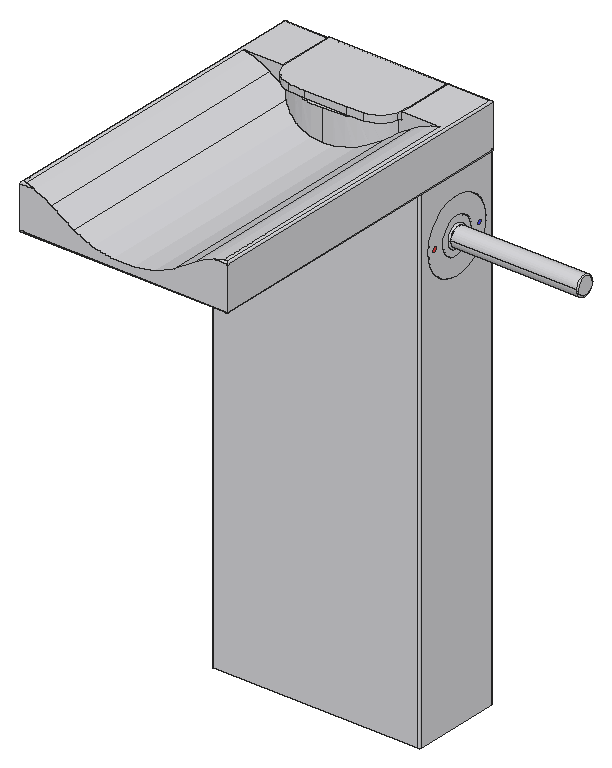
Revit family "Faucet-Lavatory-KOHLER-BEITOU-K-99858T", category Plumbing Fixtures, host Face, Revit 2017
Family settings
  Host = Face
  Round Connector Dimension = Use Diameter
  Part Type = Normal
  OmniClass Number = 23.31.11.00
  OmniClass Title = Faucets
  Cut with Voids When Loaded = No
  Shared = No
  Room Calculation Point = No
Parameters (values of type "CP-Polished Chrome")
  Width = 4.13386"  # constant formula
  WaterSense Certified = 1 = 0  # no
  Waste Water Outlet = "Waste Water Outlet"  # constant formula
  Waste Connection = 1 = 0  # no
  Vent Connection = 1 = 0  # no
  URL = "http://www.kohler.com.cn/"
  Type = 1
  Spout Reach = Length  # 5.66929"
  Product Page URL = "https://www.kohler.com.cn/product/K-99858T/K-99858T-4-CP/"
  Product Name = "BEITOU"  # constant formula
  Product Documentation Link = "https://files.kohler.com.cn/pdfs/ri-99858T-4.pdf"
  Pressure = 45.00 psi  # constant formula
  Model = "K-99858T-4-CP"  # constant formula
  Material = "Premium Metal Construction"  # constant formula
  Master Format 2014 Name = "Residential Faucets, Supplies, and Trim"  # constant formula
  Master Format 2014 = "22 41 39"  # constant formula
  Manufacturer Address = "Kohler Beijing Office (100016) 36-2-03-B, No. 88, Liuxiang Road, Beijing"  # constant formula
  Manufacturer = "KOHLER Co."  # constant formula
  Length = 5.66929"  # constant formula
  Hot Water Inlet = "Hot Water Inlet"  # constant formula
  Height = 10.74409"  # constant formula
  HW Connection = 1 = 1  # yes
  Flow Rate = 2.12 GPM  # constant formula
  Finish = Kohler-Metal-CP-Polished_Chrome
  Environmental Product Declaration = ""
  Drain Included = 1 = 1  # yes
  Description = "Manda Single Handle Bowl Faucet"  # constant formula
  Default Elevation = 36"
  Declare Label = ""
  Date Modified = "08/27/2020"  # constant formula
  Date Created = "08/27/2020"  # constant formula
  Copyright = "Copyright KOHLER Co."  # constant formula
  Contact Us = "http://www.kohler.com.cn/contact/contact-us/"
  Cold Water Inlet = "Cold Water Inlet"  # constant formula
  CW Connection = 1 = 1  # yes
  Assembly Code = "D2010"
  ADA Compliant = 1 = 0  # no
Reference planes (in)
  plane 1 "Center (Front/Back)": y = 0
  plane 2: z = 0
  plane 3 "Center (Left/Right)": x = 0
  plane 4: z = 10.7440945
  plane 5: z = 8.7401575
  plane 6: x = 4.6259843
  plane 7: x = 2.0669291
  plane 8: x = -2.0669291
  plane 9: y = -5.6692913
  plane 10: y = -0.9055118
  plane 11: y = 0.9055118
  plane 12: x = 0.6299213
  plane 13: x = -0.6299213
Dimensions and locks (in)
  "Width": plane 8 to plane 7
  locked: plane 5 to level at 8.7401575
  locked: plane 6 to plane 3 "Center (Left/Right)" at 4.6259843
  "Height": plane 4 to level
  locked: plane 11 to plane 10 at 1.8110236
  locked: plane 7 to plane 6 at 2.5590551
  "Spout Reach": plane 1 "Center (Front/Back)" to plane 9
  aligned and locked: plane 2 to host face
  aligned and locked: level to host face
  aligned and locked: plane 3 "Center (Left/Right)" to nested 1
  aligned and locked: plane 1 "Center (Front/Back)" to nested 1
  aligned and locked: plane 4 to nested 1
  aligned and locked: plane 5 to nested 1
  aligned and locked: plane 6 to nested 1
  aligned and locked: plane 7 to nested 1
  aligned and locked: plane 8 to nested 1
  aligned and locked: plane 9 to nested 1
  aligned and locked: plane 10 to nested 1
  aligned and locked: plane 11 to nested 1
  aligned and locked: plane 12 to nested 1
  aligned and locked: nested 1 to plane 13
Automatic sketch dimensions
  host sketch curve to host sketch curve = 96"  (x2)
Nested families (in)
  nested 1: "K-99858T" at (0, 0, 0), type "K-99858T"
Connectors (in)
  piping at (-0.6299213, 0, 0), diameter 0.5, driven by "Flow Rate", driven by "HW Connection", driven by "Hot Water Inlet", driven by "Pressure"
    settings: on nested 1, index 1, connector inside diameter 24", connector length 0", flow factor 0, pipe flow 2.12 GPM, pressure drop 45.00 psi, fitting loss kfactor 0, connector angle 0.00°, fixture units 0, engagement length 0", angle of deflection 0.00°, flow configuration 1, flow direction 1, fitting loss method 4, system type 19, joint type 0, gender type 0, connector reference index -1, connector utility 1, adjustable connector no, is connector primary yes, connector description "Hot Water Inlet"
  piping at (0.6299213, 0, 0), diameter 0.5, driven by "Flow Rate", driven by "CW Connection", driven by "Cold Water Inlet", driven by "Pressure"
    settings: on nested 1, index 2, connector inside diameter 24", connector length 0", flow factor 0, pipe flow 2.12 GPM, pressure drop 45.00 psi, fitting loss kfactor 0, connector angle 0.00°, fixture units 0, engagement length 0", angle of deflection 0.00°, flow configuration 1, flow direction 1, fitting loss method 4, system type 20, joint type 0, gender type 0, connector reference index -1, connector utility 1, adjustable connector no, is connector primary no, connector description "Cold Water Inlet"
Definition of nested family "K-99858T"
  Parameters (values of type "K-99858T")
    Material = none
  Reference planes (in)
    plane 1 "Center (Front/Back)": y = 0
    plane 2: z = 0
    plane 3 "Center (Left/Right)": x = 0
    plane 4: y = 0.9055118
    plane 5: y = -0.9055118
    plane 6: x = -2.0669291
    plane 7: x = 2.0669291
    plane 8: x = 4.6259843
    plane 9: z = 10.7440945
    plane 10: z = 8.7401575
    plane 11: y = -5.6692913
    plane 12: x = -0.503882
    plane 13: x = 0.503882
    plane 14: x = 0.6299213
    plane 15: x = -0.6299213
  Forms (in)
    Sweep 1, solid, material <- "Material", detail levels medium+fine
      path origin (0, 0, 0) x (0, 1, 0) y (0, 0, 1)
        loop
          line (0.9055118, 0) -> (0.9055118, 9.9212598)
      profile origin (0, 0.9055118, 4.9606299) x (0, -1, 0) y (1, 0, 0)
        loop
          arc (0, -2.0275591) -> (0.0115312, -2.0553979) -> (0.0393701, -2.0669291) r 0.0393701
          line (0.0393701, -2.0669291) -> (1.7716535, -2.0669291)
          arc (1.7716535, -2.0669291) -> (1.7994924, -2.0553979) -> (1.8110236, -2.0275591) r 0.0393701
          line (1.8110236, -2.0275591) -> (1.8110236, 2.0275591)
          arc (1.8110236, 2.0275591) -> (1.7994924, 2.0553979) -> (1.7716535, 2.0669291) r 0.0393701
          line (1.7716535, 2.0669291) -> (0.0393701, 2.0669291)
          arc (0.0393701, 2.0669291) -> (0.0115312, 2.0553979) -> (0, 2.0275591) r 0.0393701
          line (0, 2.0275591) -> (0, -2.0275591)
    Sweep 2, solid, material <- "Material", detail levels medium+fine
      path origin (0, 0, 0) x (1, 0, 0) y (0, 1, 0)
        loop
          line (-2.0272385, 0.8659735) -> (-2.0272385, -5.6297874) -> (2.0272385, -5.6297874) -> (2.0272385, 0.8659735) -> (-2.0272385, 0.8659735)
      profile origin (2.0272385, -2.3819069, 0) x (1, 0, 0) y (0, 0, 1)
        loop
          line (-0.0307579, 10.7440945) -> (-0.0307579, 9.8421792) -> (0.0200009, 9.8421792)
          arc (0.0200009, 9.8421792) -> (0.0339236, 9.8479462) -> (0.0396906, 9.861869) r 0.0196898
          line (0.0396906, 9.861869) -> (0.0396906, 10.7047518)
          arc (0.0396906, 10.7047518) -> (0.0281674, 10.7325713) -> (0.0003479, 10.7440945) r 0.0393427
          line (0.0003479, 10.7440945) -> (-0.0307579, 10.7440945)
    Sweep 3, solid, material <- "Material", detail levels medium+fine
      path origin (0, 0, 0) x (0, 1, 0) y (0, 0, 1)
        loop
          circle (0.0006489, 8.740906) r 0.169298
      profile origin (0, 0.0006489, 8.9102041) x (0, 0, -1) y (1, 0, 0)
        loop
          line (0.0324208, 4.6259843) -> (0.0014478, 4.6259843)
          arc (0.0014478, 4.6259843) -> (-0.012907, 4.6200383) -> (-0.0188529, 4.6056835) r 0.0203007
          line (-0.0188529, 4.6056835) -> (-0.0188529, 2.1068724)
          arc (-0.0188529, 2.1068724) -> (-0.030552, 2.0786282) -> (-0.0587961, 2.0669291) r 0.0399432
          line (-0.0587961, 2.0669291) -> (0.0324208, 2.0669291) -> (0.0324208, 4.6259843)
    Extrusion 4, solid, material <- "Material", detail levels medium+fine
      sketch origin (0, 0, 0) x (0, 1, 0) y (0, 0, 1)
        loop
          circle (0.0006489, 8.740906) r 0.1368772
      from 2.0669291 to 4.6259843
    Extrusion 5, solid, material <- "Material", detail levels medium+fine
      sketch origin (-0.0298064, 0, 0) x (1, 0, 0) y (0, 1, 0)
        loop
          line (-1.9964806, 0.8352157) -> (-1.9964806, -5.5990295) -> (2.026287, -5.5990295) -> (2.026287, 0.8352157) -> (-1.9964806, 0.8352157)
      from 9.8421792 to 10.7440945
    Extrusion 6, void, detail levels medium+fine
      sketch origin (0, 0, -0.0522247) x (1, 0, 0) y (0, 0, 1)
        loop
          arc (-1.0037395, 10.3120449) -> (-0.0135896, 10.0485715) -> (0.9765602, 10.3120449) r 1.9922598
          arc (0.9765602, 10.3120449) -> (1.1970344, 10.444138) -> (1.4121499, 10.5847893) r 6.5420486
          arc (1.4121499, 10.5847893) -> (1.8035482, 10.7664441) -> (2.2326175, 10.8121686) r 1.3200005
          line (2.2326175, 10.8121686) -> (2.2326175, 11.0733099) -> (-2.3948685, 11.0733099) -> (-2.3948685, 10.7973172)
          arc (-2.3948685, 10.7973172) -> (-1.8966699, 10.7829033) -> (-1.4393292, 10.5847893) r 1.3200005
          arc (-1.4393292, 10.5847893) -> (-1.2242137, 10.444138) -> (-1.0037395, 10.3120449) r 6.5420486
      from 0.251129 to 6.1770874
    Extrusion 7, solid, material <- "Material", detail levels medium+fine
      sketch origin (0, 0, 0) x (1, 0, 0) y (0, 1, 0)
        loop
          arc (-1.1811024, 0) -> (-1.1803093, -0.0555895) -> (-1.1779309, -0.1111338) r 1.9487547
          arc (-1.1779309, -0.1111338) -> (-1.1678638, -0.2063706) -> (-1.1486662, -0.3001942) r 0.9926676
          arc (-1.1486662, -0.3001942) -> (-1.0019473, -0.5383407) -> (-0.7459164, -0.6509835) r 0.4700974
          arc (-0.7459164, -0.6509835) -> (-0.5834517, -0.6647108) -> (-0.4204724, -0.6692913) r 2.9017388
          line (-0.4204724, -0.6692913) -> (0.4204724, -0.6692913)
          arc (0.4204724, -0.6692913) -> (0.5841058, -0.6646739) -> (0.7472185, -0.6508363) r 2.9017388
          arc (0.7472185, -0.6508363) -> (1.0018802, -0.5388523) -> (1.1481485, -0.3022121) r 0.4685039
          arc (1.1481485, -0.3022121) -> (1.1572068, -0.2639337) -> (1.1647415, -0.2253265) r 0.9926676
          arc (1.1647415, -0.2253265) -> (1.1729905, -0.1684212) -> (1.1779309, -0.1111338) r 0.9926676
          arc (1.1779309, -0.1111338) -> (1.1803093, -0.0555895) -> (1.1811024, 0) r 1.9487547
          line (1.1811024, 0) -> (1.1811024, 0.8816998) -> (-1.1811024, 0.8816998) -> (-1.1811024, 0)
      from 10.6102362 to 10.7440945
    Extrusion 8, void, detail levels medium+fine
      sketch origin (0, 0, 0) x (1, 0, 0) y (0, 1, 0)
        loop
          line (-1.1850394, 0.8816998) -> (-1.1850394, -0.251129) -> (1.1850394, -0.251129) -> (1.1850394, 0.8816998) -> (-1.1850394, 0.8816998)
      from 10.6102362 to 10.9003731
    Extrusion 9, solid, material <- "Material", detail levels medium+fine
      sketch origin (0, 0, 0) x (1, 0, 0) y (0, 1, 0)
        loop
          spline (0, 0.4851303) -> (-0.2904072, 0.4642233) -> (-0.5610236, 0.4029269) -> (-0.7934072, 0.3054185) -> (-0.9717214, 0.1783431) -> (-1.0838144, 0.0303607) -> (-1.1220472, -0.1284441) -> (-1.0838144, -0.2872488) -> (-0.9717214, -0.4352313) -> (-0.7934072, -0.5623067) -> (-0.5610236, -0.6598151) -> (-0.2904072, -0.7211115) -> (0, -0.7420185)
          spline (0, -0.7420185) -> (0.2904072, -0.7211115) -> (0.5610236, -0.6598151) -> (0.7934072, -0.5623067) -> (0.9717214, -0.4352313) -> (1.0838144, -0.2872488) -> (1.1220472, -0.1284441) -> (1.0838144, 0.0303607) -> (0.9717214, 0.1783431) -> (0.7934072, 0.3054185) -> (0.5610236, 0.4029269) -> (0.2904072, 0.4642233) -> (0, 0.4851303)
      from 9.7682632 to 10.6102362
    Extrusion 10, void, detail levels medium+fine
      sketch origin (0, 0, 0) x (0, 1, 0) y (0, 0, 1)
        loop
          circle (-0.0005732, 8.741565) r 0.7199009
        loop
          circle (-0.0005732, 8.741565) r 0.3559253
        loop
          circle (-0.0005732, 8.741565) r 0.7120269
        loop
          circle (-0.0005732, 8.741565) r 0.3480513
      from 2.0576808 to 2.2396435
    Extrusion 11, solid, material <- "Material", detail levels medium+fine
      sketch origin (0, 0, 0) x (1, 0, 0) y (0, 1, 0)
        loop
          circle (-0.503882, 0) r 0.0393701
        loop
          circle (0.503882, 0) r 0.0393701
      from 0 to 0.035998
    Extrusion 12, void
      sketch origin (0, 0, 0) x (0, 1, 0) y (0, 0, 1)
        loop
          circle (-0.557955, 8.7400852) r 0.0398
        loop
          circle (0.557955, 8.7400852) r 0.0398
      from 1.4561957 to 3.2228774
    Extrusion 13, solid, detail levels medium+fine
      sketch origin (0, 0, 0) x (0, 1, 0) y (0, 0, 1)
        loop
          circle (0.557955, 8.7400852) r 0.0398
      from 1.4561957 to 2.0669291
    Extrusion 14, solid, detail levels medium+fine
      sketch origin (0, 0, 0) x (0, -1, 0) y (0, 0, -1)
        loop
          circle (0.557955, -8.7400852) r 0.0398
      from 1.4561957 to 2.0669291
    Extrusion 15, solid, material <- "Material", detail levels medium+fine
      sketch origin (0, 0, 0) x (1, 0, 0) y (0, 1, 0)
        loop
          circle (0.6299213, 0) r 0.1968504
        loop
          circle (-0.6299213, 0) r 0.1968504
      from 0 to 0.2233233
    Extrusion 16, solid, material <- "Material", detail levels coarse
      sketch origin (0, 0, 0) x (1, 0, 0) y (0, 0, 1)
        loop
          line (-2.0669291, 10.7440945) -> (-2.0669291, 9.7598425) -> (2.0669291, 9.7598425) -> (2.0669291, 10.7440945) -> (1.6939929, 10.7440945)
          arc (1.6939929, 10.7440945) -> (-0.0776606, 10.1986876) -> (-1.8493141, 10.7440945) r 3.1501482
          line (-1.8493141, 10.7440945) -> (-2.0669291, 10.7440945)
      from -0.9055118 to 5.669478
    Extrusion 17, solid, material <- "Material", detail levels coarse
      sketch origin (0, 0, 0) x (1, 0, 0) y (0, 0, 1)
        loop
          line (-2.0669291, 10.7440945) -> (-2.0669291, 0) -> (2.0669291, 0) -> (2.0669291, 10.7440945) -> (-2.0669291, 10.7440945)
      from -0.9055118 to 1.3646786
    Revolve 18, solid, material <- "Material", detail levels coarse
      sketch origin (0, 0, 0) x (1, 0, 0) y (0, 0, 1)
        loop
          line (4.6259843, 9.029039) -> (1.7665609, 9.029039) -> (1.7665609, 8.7401575) -> (4.6259843, 8.7401575) -> (4.6259843, 9.029039)
        axis (4.6259843, 8.7401575) -> (1.7665609, 8.7401575)
      angle from 0 to 360
  Cuts and joins
    Extrusion 10, Extrusion 12 cuts Sweep 1
    Extrusion 12 cuts Sweep 3
    Extrusion 12 cuts Extrusion 4
    Extrusion 12 cuts Extrusion 11
    joined: Sweep 1, Sweep 3, Extrusion 4, Extrusion 7, Extrusion 11
    Extrusion 6, Extrusion 8 cuts Sweep 2
    Extrusion 6, Extrusion 8 cuts Extrusion 5
    joined: Sweep 2, Extrusion 5, Extrusion 9
    joined: Extrusion 16, Extrusion 17, Revolve 18
  Lines and regions (in)
    Masking region 1
      outline origin (0, 0, 0) x (1, 0, 0) y (0, 1, 0)
        loop
          arc (2.0287193, -5.6692913) -> (2.0557377, -5.6580999) -> (2.0669291, -5.6310815) r 0.0382098
          line (2.0669291, -5.6310815) -> (2.0669291, -0.2295886)
          arc (2.0669291, -0.2295886) -> (2.0788227, -0.2008749) -> (2.1075365, -0.1889813) r 0.0406073
          line (2.1075365, -0.1889813) -> (4.6049589, -0.1889813)
          arc (4.6049589, -0.1889813) -> (4.6198261, -0.1828231) -> (4.6259843, -0.1679559) r 0.0210254
          line (4.6259843, -0.1679559) -> (4.6259843, 0.1689122)
          arc (4.6259843, 0.1689122) -> (4.6201062, 0.1831032) -> (4.6059152, 0.1889813) r 0.0200691
          line (4.6059152, 0.1889813) -> (2.1080383, 0.1889813)
          arc (2.1080383, 0.1889813) -> (2.0789697, 0.2010219) -> (2.0669291, 0.2300904) r 0.0411092
          line (2.0669291, 0.2300904) -> (2.0669291, 0.8662628)
          arc (2.0669291, 0.8662628) -> (2.0554334, 0.894016) -> (2.0276801, 0.9055118) r 0.039249
          line (2.0276801, 0.9055118) -> (1.2235752, 0.9055118)
          arc (1.2235752, 0.9055118) -> (1.2010195, 0.898221) -> (1.1869987, 0.8791074) r 0.0385358
          arc (1.1869987, 0.8791074) -> (1.1794257, 0.897763) -> (1.1608426, 0.9055118) r 0.0261573
          line (1.1608426, 0.9055118) -> (-1.1608426, 0.9055118)
          arc (-1.1608426, 0.9055118) -> (-1.1794257, 0.897763) -> (-1.1869987, 0.8791074) r 0.0261573
          arc (-1.1869987, 0.8791074) -> (-1.2010195, 0.898221) -> (-1.2235752, 0.9055118) r 0.0385358
          line (-1.2235752, 0.9055118) -> (-2.0283935, 0.9055118)
          arc (-2.0283935, 0.9055118) -> (-2.0556423, 0.894225) -> (-2.0669291, 0.8669762) r 0.0385356
          line (-2.0669291, 0.8669762) -> (-2.0669291, -5.6295987)
          arc (-2.0669291, -5.6295987) -> (-2.0553034, -5.6576656) -> (-2.0272365, -5.6692913) r 0.0396927
          line (-2.0272365, -5.6692913) -> (2.0287193, -5.6692913)
    Masking region 2
      outline origin (0, 0, 0) x (0, 1, 0) y (0, 0, 1)
        loop
          line (0.9055118, 0) -> (0.9055118, 9.8181802)
          arc (0.9055118, 9.8181802) -> (0.8995361, 9.8326069) -> (0.8852902, 9.8385827) r 0.0204025
          arc (0.8852902, 9.8385827) -> (0.899589, 9.8445054) -> (0.9055118, 9.8588043) r 0.0202216
          line (0.9055118, 9.8588043) -> (0.9055118, 10.7029794)
          arc (0.9055118, 10.7029794) -> (0.8934695, 10.7320522) -> (0.8643967, 10.7440945) r 0.0411151
          line (0.8643967, 10.7440945) -> (-5.6292231, 10.7440945)
          arc (-5.6292231, 10.7440945) -> (-5.6575556, 10.7323588) -> (-5.6692913, 10.7040262) r 0.0400683
          line (-5.6692913, 10.7040262) -> (-5.6692913, 9.859204)
          arc (-5.6692913, 9.859204) -> (-5.6632515, 9.8446225) -> (-5.6486701, 9.8385827) r 0.0206213
          line (-5.6486701, 9.8385827) -> (-0.8858268, 9.8385827)
          arc (-0.8858268, 9.8385827) -> (-0.8997462, 9.8328171) -> (-0.9055118, 9.8188976) r 0.019685
          line (-0.9055118, 9.8188976) -> (-0.9055118, 0) -> (0.9055118, 0)
    Masking region 3
      outline origin (0, 0, 0) x (1, 0, 0) y (0, 0, 1)
        loop
          line (-2.0669291, 10.7058523) -> (-2.0669291, 9.8585933)
          arc (-2.0669291, 9.8585933) -> (-2.0610682, 9.8444437) -> (-2.0469185, 9.8385827) r 0.0200106
          arc (-2.0469185, 9.8385827) -> (-2.0610013, 9.8326548) -> (-2.0669291, 9.8183438) r 0.0202389
          line (-2.0669291, 9.8183438) -> (-2.0669291, 0) -> (2.0669291, 0) -> (2.0669291, 8.5124717)
          arc (2.0669291, 8.5124717) -> (2.0782944, 8.53991) -> (2.1057327, 8.5512753) r 0.0388036
          line (2.1057327, 8.5512753) -> (4.6058685, 8.5512753)
          arc (4.6058685, 8.5512753) -> (4.6200925, 8.5571671) -> (4.6259843, 8.5713911) r 0.0201158
          line (4.6259843, 8.5713911) -> (4.6259843, 8.9083523)
          arc (4.6259843, 8.9083523) -> (4.6199251, 8.9229804) -> (4.6052969, 8.9290396) r 0.0206874
          line (4.6052969, 8.9290396) -> (2.1069697, 8.9290396)
          arc (2.1069697, 8.9290396) -> (2.0786567, 8.9407672) -> (2.0669291, 8.9690802) r 0.0400406
          line (2.0669291, 8.9690802) -> (2.0669291, 9.8183438)
          arc (2.0669291, 9.8183438) -> (2.0610013, 9.8326548) -> (2.0466902, 9.8385827) r 0.0202389
          arc (2.0466902, 9.8385827) -> (2.0610682, 9.8444437) -> (2.0669291, 9.8585933) r 0.0200106
          line (2.0669291, 9.8585933) -> (2.0669291, 10.7047244)
          arc (2.0669291, 10.7047244) -> (2.0553979, 10.7325633) -> (2.0275591, 10.7440945) r 0.0393701
          line (2.0275591, 10.7440945) -> (1.2160697, 10.7440945) -> (1.2160697, 10.6929134) -> (1.1811024, 10.6929134) -> (1.1811024, 10.7440945) -> (-1.1811024, 10.7440945) -> (-1.1811024, 10.6929134) -> (-1.2160697, 10.6929134) -> (-1.2160697, 10.7440945) -> (-2.028687, 10.7440945)
          arc (-2.028687, 10.7440945) -> (-2.0557283, 10.7328936) -> (-2.0669291, 10.7058523) r 0.0382422
    symbolic lines, detail levels medium+fine
      curve 1: line (2.0669291, 0.8662628, 0) -> (1.1848824, 0.8661417, 0)
      curve 2: line (2.0276801, 0.9055118, 0) -> (2.0287193, -5.6692913, 0)
      curve 3: line (-2.0669291, -5.6295987, 0) -> (2.0669291, -5.6310815, 0)
      curve 4: line (-2.0272365, 0.9055118, 0) -> (-2.0272365, -5.6692913, 0)
      curve 5: line (-1.1811024, 0, 0) -> (-1.1811024, 0.8661417, 0)
      curve 6: line (1.1811024, 0, 0) -> (1.1811024, 0.8661417, 0)
      curve 7: line (-1.1848824, 0.8661417, 0) -> (-2.0669201, 0.8661417, 0)
      curve 8: arc (-1.1869987, 0.8791074, 0) -> (-1.1853269, 0.8727248, 0) -> (-1.1848824, 0.8661417, 0) r 0.0350071
      curve 9: line (1.1811024, 0.8661417, 0) -> (-1.1811024, 0.8661417, 0)
      curve 10: arc (1.1869987, 0.8791074, 0) -> (1.1853269, 0.8727248, 0) -> (1.1848824, 0.8661417, 0) r 0.0350071
      curve 11: arc (-1.1811024, 0, 0) -> (-1.1803093, -0.0555895, 0) -> (-1.1779309, -0.1111338, 0) r 1.9487547
      curve 12: arc (-1.1779309, -0.1111338, 0) -> (-1.1678638, -0.2063706, 0) -> (-1.1486662, -0.3001942, 0) r 0.9926676
      curve 13: arc (-1.1486662, -0.3001942, 0) -> (-1.0019473, -0.5383407, 0) -> (-0.7459164, -0.6509835, 0) r 0.4700974
      curve 14: arc (-0.7459164, -0.6509835, 0) -> (-0.5834517, -0.6647108, 0) -> (-0.4204724, -0.6692913, 0) r 2.9017388
      curve 15: line (-0.4204724, -0.6692913, 0) -> (0.4204724, -0.6692913, 0)
      curve 16: arc (0.4204724, -0.6692913, 0) -> (0.5841058, -0.6646739, 0) -> (0.7472185, -0.6508363, 0) r 2.9017388
      curve 17: arc (0.7472185, -0.6508363, 0) -> (1.0018802, -0.5388523, 0) -> (1.1481485, -0.3022121, 0) r 0.4685039
      curve 18: arc (1.1481485, -0.3022121, 0) -> (1.1572068, -0.2639337, 0) -> (1.1647415, -0.2253265, 0) r 0.9926676
      curve 19: arc (1.1647415, -0.2253265, 0) -> (1.1729905, -0.1684212, 0) -> (1.1779309, -0.1111338, 0) r 0.9926676
      curve 20: arc (1.1779309, -0.1111338, 0) -> (1.1803093, -0.0555895, 0) -> (1.1811024, 0, 0) r 1.9487547
      curve 21: arc (-1.1295936, -0.2953224, 0) -> (-0.9890184, -0.5234967, 0) -> (-0.7437087, -0.6314227, 0) r 0.4504123
      curve 22: arc (-1.1582779, -0.1100112, 0) -> (-1.1484104, -0.2033594, 0) -> (-1.1295936, -0.2953224, 0) r 0.9729825
      curve 23: arc (-1.1614173, 0, 0) -> (-1.1606323, -0.055028, 0) -> (-1.1582779, -0.1100112, 0) r 1.9290697
      curve 24: arc (-0.7437087, -0.6314227, 0) -> (-0.5823461, -0.6450568, 0) -> (-0.4204724, -0.6496063, 0) r 2.8820538
      curve 25: line (-0.4204724, -0.6496063, 0) -> (0.4204724, -0.6496063, 0)
      curve 26: arc (0.4204724, -0.6496063, 0) -> (0.5829958, -0.6450202, 0) -> (0.7450019, -0.6312764, 0) r 2.8820538
      curve 27: arc (0.7450019, -0.6312764, 0) -> (0.9889635, -0.5239977, 0) -> (1.1290861, -0.2973004, 0) r 0.4488189
      curve 28: arc (1.1290861, -0.2973004, 0) -> (1.1379648, -0.259781, 0) -> (1.14535, -0.2219394, 0) r 0.9729825
      curve 29: arc (1.1582779, -0.1100112, 0) -> (1.1606323, -0.055028, 0) -> (1.1614173, 0, 0) r 1.9290697
      curve 30: arc (1.14535, -0.2219394, 0) -> (1.1534355, -0.1661626, 0) -> (1.1582779, -0.1100112, 0) r 0.9729825
      curve 31: line (-1.1614173, 0, 0) -> (-1.1614173, 0.8661417, 0)
      curve 32: line (1.1614173, 0, 0) -> (1.1614173, 0.8661417, 0)
      curve 33: arc (-0.4789141, -0.6687028, 0) -> (0, -0.7289998, 0) -> (0.4789141, -0.6687028, 0) r 1.9320565
      curve 34: line (2.0669291, 0.2300904, 0) -> (2.0669291, -0.2295886, 0)
      curve 35: line (2.1080383, -0.1889844, 0) -> (2.1080383, 0.1889813, 0)
      curve 36: line (4.6049589, 0.1889585, 0) -> (4.6049589, -0.1889813, 0)
      curve 37: line (0, -5.6299213, 9.8582681) -> (0, 0.8661417, 9.8582681)
      curve 38: line (0, -5.6299213, 10.7007851) -> (0, -5.6299213, 9.8582681)
      curve 39: line (0, 0.8661417, 10.7007849) -> (0, -5.6299213, 10.7007851)
      curve 40: line (0, 0.8661417, 10.7007849) -> (0, 0.8661417, 9.8181802)
      curve 41: line (0, 0.8661417, 9.8181802) -> (0, 0.8661417, 0)
      curve 42: line (0, 0.8661417, 9.8181802) -> (0, -0.8661417, 9.8181802)
      curve 43: line (0, -0.8661417, 0) -> (0, -0.8661417, 9.8385827)
      curve 44: line (0, -0.9055118, 9.8385827) -> (0, 0.8852902, 9.8385827)
      curve 45: line (0, 0.8661417, 9.8582681) -> (0, 0.9055118, 9.8582681)
      curve 46: line (0, 0.8661417, 9.8181802) -> (0, 0.9055118, 9.8181802)
      curve 47: line (0, -0.8661417, 9.8181802) -> (0, -0.9054987, 9.8181802)
      curve 48: line (0, 0.8661417, 10.7007849) -> (0, 0.8661417, 10.7440574)
      curve 49: line (0, 0.8661417, 10.7007849) -> (0, 0.9055118, 10.7007849)
      curve 50: line (0, -5.6299213, 10.7007851) -> (0, -5.6692913, 10.7007851)
      curve 51: line (0, -5.6299213, 10.7007851) -> (0, -5.6299213, 10.7440945)
      curve 52: line (0, -5.6299213, 9.8582681) -> (0, -5.6692913, 9.8582681)
      curve 53: line (0, -5.6299213, 9.872047) -> (0, -5.6299213, 9.8385827)
      curve 54: line (-2.027559, 0, 10.7007869) -> (-2.0275591, 0, 9.8385827)
      curve 55: line (-2.0490082, 0, 9.8385827) -> (2.048135, 0, 9.8385827)
      curve 56: line (2.0669265, 0, 9.8582677) -> (-2.0669265, 0, 9.8582677)
      curve 57: line (-2.0669216, 0, 9.8188976) -> (2.0669216, 0, 9.8188976)
      curve 58: line (2.0275591, 0, 10.7007869) -> (2.0275591, 0, 9.8385827)
      curve 59: line (2.0275591, 0, 9.8385827) -> (2.0275591, 0, 0)
      curve 60: line (-2.0275591, 0, 0) -> (-2.0275591, 0, 9.8385827)
      curve 61: line (4.6064501, 0, 8.9289677) -> (4.6064501, 0, 8.551369)
      curve 62: line (2.1058731, 0, 8.9291876) -> (2.1058731, 0, 8.5511548)
      curve 63: line (2.0669291, 0, 8.9690802) -> (2.0669291, 0, 8.5124717)
      curve 64: arc (-1.1682401, 0, 10.7440945) -> (-1.0961611, 0, 10.7113343) -> (-1.0187542, 0, 10.6946973) r 0.3691581
      curve 65: arc (-1.1811024, 0, 10.7204724) -> (-1.1187227, 0, 10.6925207) -> (-1.0518269, 0, 10.6784683) r 0.319715
      curve 66: arc (-1.0187542, 0, 10.6946973) -> (-0.8744744, 0, 10.676879) -> (-0.7292944, 0, 10.6693331) r 2.0495079
      curve 67: arc (-1.0518269, 0, 10.6784683) -> (-0.9244501, 0, 10.6616996) -> (-0.7962799, 0, 10.6528416) r 2.0761384
      curve 68: line (0.4204724, 0, 10.6648556) -> (-0.4204724, 0, 10.6648556)
      curve 69: line (0.4204724, 0, 10.6456297) -> (-0.4204724, 0, 10.6456297)
      curve 70: arc (-0.7292944, 0, 10.6693331) -> (-0.5748856, 0, 10.6669432) -> (-0.4204724, 0, 10.6648556) r 78.8650377
      curve 71: arc (-0.7962799, 0, 10.6528416) -> (-0.6084102, 0, 10.647463) -> (-0.4204724, 0, 10.6456297) r 9.9615753
      curve 72: line (-1.1811024, 0, 10.6210639) -> (-1.1811024, 0, 10.7204724)
      curve 73: line (-1.1702746, 0, 10.6102362) -> (1.1697209, 0, 10.6102362)
      curve 74: line (1.1811024, 0, 10.6216177) -> (1.1811024, 0, 10.7204724)
      curve 75: arc (1.1697209, 0, 10.6102362) -> (1.1777688, 0, 10.6135698) -> (1.1811024, 0, 10.6216177) r 0.0113815
      curve 76: arc (-1.1702746, 0, 10.6102362) -> (-1.177931, 0, 10.6134076) -> (-1.1811024, 0, 10.6210639) r 0.0108277
      curve 77: arc (-1.0818355, 0, 10.6102362) -> (-1.0487457, 0, 10.4631744) -> (-0.9532315, 0, 10.346559) r 0.327156
      curve 78: arc (-0.3551517, 0, 10.1928355) -> (0.0071668, 0, 10.1876152) -> (0.3694853, 0, 10.1928355) r 12.5762126
      curve 79: arc (-0.9532315, 0, 10.346559) -> (-0.925478, 0, 10.3278435) -> (-0.8957208, 0, 10.3125125) r 0.2849013
      curve 80: arc (-0.8957208, 0, 10.3125125) -> (-0.7656648, 0, 10.2623069) -> (-0.6313541, 0, 10.2249462) r 1.4363101
      curve 81: arc (-0.6313541, 0, 10.2249462) -> (-0.6166197, 0, 10.2216989) -> (-0.6018483, 0, 10.2186238) r 1.2927477
      curve 82: arc (-0.6018483, 0, 10.2186238) -> (-0.4791146, 0, 10.1998502) -> (-0.3551517, 0, 10.1928355) r 1.3039103
      curve 83: arc (-2.027559, 0, 10.7404089) -> (-1.8423158, 0, 10.7117947) -> (-1.6654841, 0, 10.6496307) r 1.0157736
      curve 84: arc (-2.027559, 0, 10.7007869) -> (-1.8165597, 0, 10.6656566) -> (-1.619006, 0, 10.5836362) r 0.9379858
      curve 85: arc (-1.6654841, 0, 10.6496307) -> (-1.5107749, 0, 10.56992) -> (-1.3639142, 0, 10.4765354) r 1.9211122
      curve 86: arc (-1.3639142, 0, 10.4765354) -> (-1.165333, 0, 10.3431156) -> (-0.9615509, 0, 10.2177833) r 5.9524026
      curve 87: arc (-0.9615509, 0, 10.2177833) -> (-0.8231552, 0, 10.1462124) -> (-0.6778478, 0, 10.089985) r 1.4425518
      curve 88: arc (-1.619006, 0, 10.5836362) -> (-1.4191844, 0, 10.4662936) -> (-1.2250172, 0, 10.3398142) r 4.9975336
      curve 89: arc (-1.2250172, 0, 10.3398142) -> (-1.0755604, 0, 10.2428901) -> (-0.9214078, 0, 10.1536228) r 3.5327637
      curve 90: arc (-0.9214078, 0, 10.1536228) -> (-0.7601076, 0, 10.0775809) -> (-0.5909599, 0, 10.0211082) r 1.5082541
      curve 91: arc (1.1682401, 0, 10.7440945) -> (1.0961611, 0, 10.7113343) -> (1.0187542, 0, 10.6946973) r 0.3691581
      curve 92: arc (1.1811024, 0, 10.7204724) -> (1.1187227, 0, 10.6925207) -> (1.0518269, 0, 10.6784683) r 0.319715
      curve 93: arc (1.0187542, 0, 10.6946973) -> (0.8744744, 0, 10.676879) -> (0.7292944, 0, 10.6693331) r 2.0495079
      curve 94: arc (1.0518269, 0, 10.6784683) -> (0.9244501, 0, 10.6616996) -> (0.7962799, 0, 10.6528416) r 2.0761384
      curve 95: arc (0.7292944, 0, 10.6693331) -> (0.5748856, 0, 10.6669432) -> (0.4204724, 0, 10.6648556) r 78.8650377
      curve 96: arc (0.7962799, 0, 10.6528416) -> (0.6084102, 0, 10.647463) -> (0.4204724, 0, 10.6456297) r 9.9615753
      curve 97: arc (1.0818355, 0, 10.6102362) -> (1.0487457, 0, 10.4631744) -> (0.9532315, 0, 10.346559) r 0.327156
      curve 98: arc (0.9532315, 0, 10.346559) -> (0.925478, 0, 10.3278435) -> (0.8957208, 0, 10.3125125) r 0.2849013
      curve 99: arc (0.8957208, 0, 10.3125125) -> (0.7624208, 0, 10.2612366) -> (0.6246875, 0, 10.2234528) r 1.4363101
      curve 100: arc (0.6246875, 0, 10.2234528) -> (0.4907179, 0, 10.2011157) -> (0.3551517, 0, 10.1928355) r 1.3039103
      curve 101: arc (2.0275591, 0, 10.7404089) -> (1.8423158, 0, 10.7117947) -> (1.6654841, 0, 10.6496307) r 1.0157736
      curve 102: arc (2.0669291, 0, 10.701957) -> (1.8355475, 0, 10.6708862) -> (1.619006, 0, 10.5836362) r 0.9379858
      curve 103: arc (1.6654841, 0, 10.6496307) -> (1.5107749, 0, 10.56992) -> (1.3639142, 0, 10.4765354) r 1.9211122
      curve 104: arc (1.3639142, 0, 10.4765354) -> (1.165333, 0, 10.3431156) -> (0.9615509, 0, 10.2177833) r 5.9524026
      curve 105: arc (0.9615509, 0, 10.2177833) -> (0.8231552, 0, 10.1462124) -> (0.6778478, 0, 10.089985) r 1.4425518
      curve 106: arc (1.619006, 0, 10.5836362) -> (1.4191844, 0, 10.4662936) -> (1.2250172, 0, 10.3398142) r 4.9975336
      curve 107: arc (1.2250172, 0, 10.3398142) -> (1.0755604, 0, 10.2428901) -> (0.9214078, 0, 10.1536228) r 3.5327637
      curve 108: arc (0.9214078, 0, 10.1536228) -> (0.7601076, 0, 10.0775809) -> (0.5909599, 0, 10.0211082) r 1.5082541
      curve 109: arc (-0.5909599, 0, 10.0211082) -> (-0.416242, 0, 9.9792089) -> (-0.2394712, 0, 9.9470528) r 3.242106
      curve 110: arc (0.5909599, 0, 10.0211082) -> (0.416242, 0, 9.9792089) -> (0.2394712, 0, 9.9470528) r 3.242106
      curve 111: arc (-0.2394712, 0, 9.9470528) -> (0, 0, 9.9287903) -> (0.2394712, 0, 9.9470528) r 1.579197
      curve 112: arc (-0.6778478, 0, 10.089985) -> (-0.5134181, 0, 10.0432708) -> (-0.3458907, 0, 10.0093017) r 2.2277261
      curve 113: arc (0.6778478, 0, 10.089985) -> (0.5134181, 0, 10.0432708) -> (0.3458907, 0, 10.0093017) r 2.2277261
      curve 114: arc (-0.3458907, 0, 10.0093017) -> (0, 0, 9.9812789) -> (0.3458907, 0, 10.0093017) r 2.1487063
      curve 115: line (-0.9306131, 0, 10.6102362) -> (-0.9306131, 0, 10.3309571)
      curve 116: line (-0.7731328, 0, 10.6102362) -> (-0.7731328, 0, 10.2648032)
      curve 117: line (-0.6156524, 0, 10.6102362) -> (-0.6156524, 0, 10.2214914)
      curve 118: line (-0.4581721, 0, 10.6102362) -> (-0.4581721, 0, 10.1978317)
      curve 119: line (-0.3006918, 0, 10.6102362) -> (-0.3006918, 0, 10.1913839)
      curve 120: line (-0.1432115, 0, 10.6102362) -> (-0.1432115, 0, 10.1885143)
      curve 121: line (0.9306131, 0, 10.6102362) -> (0.9306131, 0, 10.3309571)
      curve 122: line (0.7731328, 0, 10.6102362) -> (0.7731328, 0, 10.2648032)
      curve 123: line (0.6156524, 0, 10.6102362) -> (0.6156524, 0, 10.2214818)
      curve 124: line (0.4581721, 0, 10.6102362) -> (0.4581721, 0, 10.1978317)
      curve 125: line (0.3006918, 0, 10.6102362) -> (0.3006918, 0, 10.1910411)
      curve 126: line (0.1432115, 0, 10.6102362) -> (0.1432115, 0, 10.1883511)
      curve 127: line (-1.0487457, 0, 10.4631744) -> (1.0487457, 0, 10.4631744)
      curve 128: line (-0.0002769, 0, 10.6102362) -> (-0.0002769, 0, 10.1876174)
      curve 129: line (-2.027559, 0, 10.7007869) -> (-2.0669291, 0, 10.7007869)
      curve 130: line (-2.027559, 0, 10.7007869) -> (-2.027559, 0, 10.7440945)
      curve 131: line (2.0275591, 0, 10.7007869) -> (2.0275591, 0, 10.7440945)
      curve 132: circle (0, -0.0005732, 8.741565) r 0.7199009 normal (1, 0, 0)
      curve 133: circle (0, -0.0005732, 8.741565) r 0.7120269 normal (1, 0, 0)
      curve 134: circle (0, -0.0005732, 8.741565) r 0.3480513 normal (1, 0, 0)
      curve 135: circle (0, -0.0005732, 8.741565) r 0.3559253 normal (1, 0, 0)
      curve 136: circle (0, -0.0005732, 8.741565) r 0.186987 normal (1, 0, 0)
      curve 137: circle (0, -0.557955, 8.7400852) r 0.0398 normal (1, 0, 0)
      curve 138: circle (0, 0.557955, 8.7400852) r 0.0398 normal (1, 0, 0)
  Dimensions and locks (in)
    plane 9 to plane 2 = 10.74409"
    plane 10 to plane 2 = 8.74016"
    plane 1 "Center (Front/Back)" to plane 11 = 5.66929"
    locked: plane 7 to plane 6 at 4.1338583
    locked: plane 8 to plane 3 "Center (Left/Right)" at 4.6259843
    locked: plane 4 to plane 5 at 1.8110236
    locked: plane 9 to level at 10.7440945
    aligned and locked: plane 2 to level
